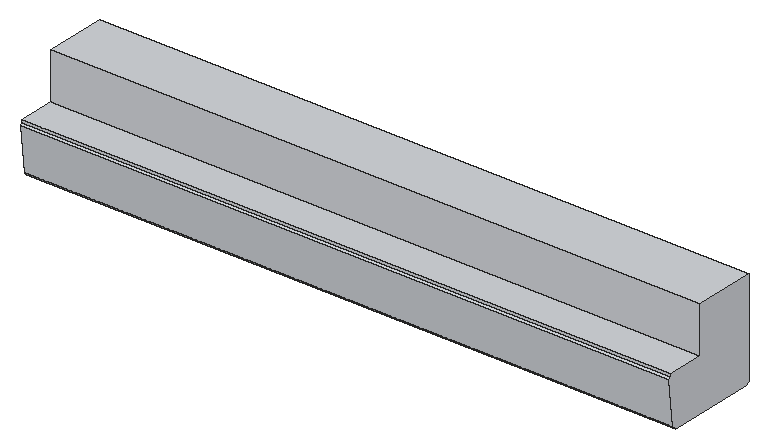
Revit family "Bjælke - KB(B)E", category Structural Framing, Revit 2019
Family settings
  Section Shape = Not Defined
  Material for Model Behavior = Other
  Always export as geometry = No
  OmniClass Number = 23.25.30.11.14.14
  OmniClass Title = Beams
  Always vertical = Yes
  Cut with Voids When Loaded = No
  Symbolic Representation = From Family
  Shared = No
  Show family pre-cut in plan views = Yes
Parameters (values of type "KBE 38/18")
  Model = if(Bredt Element, "KBBE", "KBE")  # "KBE"
  Kommentar = "Bred hylde kan kun udføres på bredt element"  # constant formula
  Hylde Højde 1 = 180 mm
  Hylde Bredde = if(and(Bredt Element, Bred Hylde), 200 mm, 150 mm)  # 150 mm
  Bredt Element = no
  Bredde 2 = if(Bredt Element, 170 mm, 110 mm)  # 110 mm
  Bredde = if(Bredt Element, 500 mm, 360 mm)  # 360 mm
  Structural Material [instance] = (empty or 0)
  Manufacturer = "CRH Concrete"  # constant formula
  Length [instance] = 3000 mm
  Højde = 380 mm
  CRH_RFA_TimeStamp_LastRelease = 20191107  # constant formula
  Bred Hylde = no
Types (3, lengths in mm): name | Model | Bredt Element | Bredde 2 | Bredde
  (no name) | "KBE" | no | 110 | 360
  KBE 38/18 | "KBE" | no | 110 | 360
  KBBE 38/18 | "KBBE" | yes | 170 | 500
Reference planes
  plane 1 "Center (Front/Back)": y = 0
  plane 2 "Center Elevation": z = 0
  plane 3 "Center (Left/Right)": x = 0
  plane 4 "Left": x = -1500
  plane 5 "Member Left": x = -1250
  plane 6 "Stick Symbol Left": x = -1000
  plane 7 "Right": x = 1500
  plane 8 "Member Right": x = 1250
  plane 9 "Stick Symbol Right": x = 1000
Forms (mm)
  Sweep 1, solid
    path origin (0, 0, 0) x (1, 0, 0) y (0, 1, 0)
      loop
        line (-1250, 0) -> (1250, 0)
    profile "Profile-KBE : Profile-KBE" origin (0, 0, 0) x (0, 1, 0) y (0, 0, 1)
      loop
        line (-251.429, -368.571) -> (-240, -380) -> (100, -380) -> (110, -370) -> (110, 0) -> (-125, 0) -> (-125, -180) -> (-265, -180) -> (-265, -190) -> (-272.778, -197.778) -> (-251.429, -368.571)
Lines and regions (mm)
  model lines, style "Stick Symbols", not visible, detail levels coarse
    curve 1: line (-1000, 0, 0) -> (1000, 0, 0)
Dimensions and locks
  equal spacing: plane 4 "Left", plane 3 "Center (Left/Right)", plane 7 "Right"
  "Length": plane 4 "Left" to plane 7 "Right"
  aligned and locked: plane 1 "Center (Front/Back)" to curve 1
  aligned and locked: plane 6 "Stick Symbol Left" to curve 1
  aligned and locked: plane 9 "Stick Symbol Right" to curve 1
  aligned and locked: plane 2 "Center Elevation" to level
  aligned and locked: plane 1 "Center (Front/Back)" to Sweep 1 sketch curve
  aligned and locked: plane 5 "Member Left" to Sweep 1 sketch curve
  aligned and locked: plane 8 "Member Right" to Sweep 1 sketch curve
